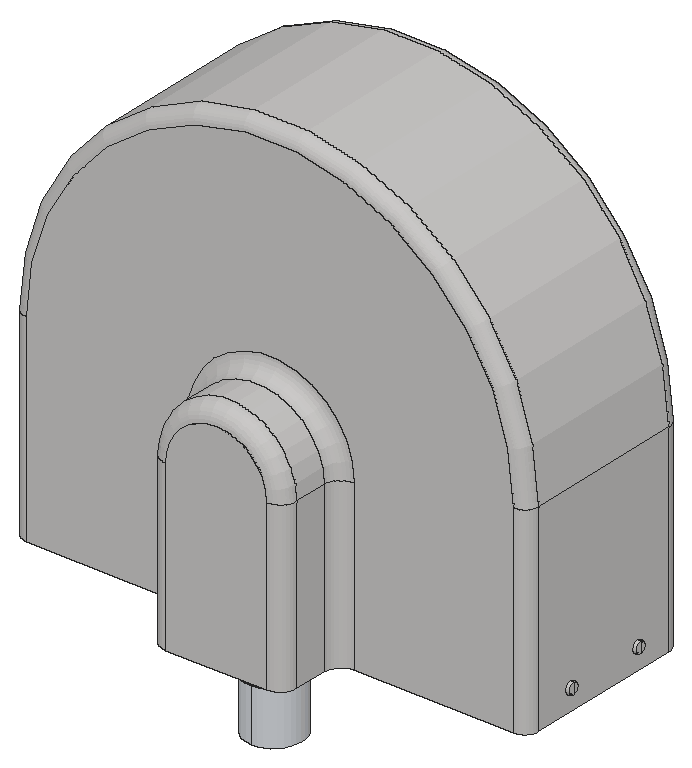
Revit family "PRD_FrankeWS_WlHngWshBsns_ANIMASingleWashbasin_ANMX462", category Plumbing Fixtures, host Face, Revit 2018
Family settings
  Host = Face
  Round Connector Dimension = Use Diameter
  Part Type = Normal
  OmniClass Number = 23.45.05.14.14.27
  OmniClass Title = Service Sinks
  Cut with Voids When Loaded = Yes
  Shared = Yes
  Room Calculation Point = No
Parameters (values of type "ANMX462")
  WasteSize = "DN 32"
  WasteKitIncluded = "Yes"
  WasteHoleProjection = "135.00 mm"
  WasteHolePosition = "Center back"
  WashHandBasinType = "HandRinse"
  WarrantyStartDate [instance] = "1900-12-31T23:59:59"
  WarrantyGuarantorParts = "n/a"
  WarrantyGuarantorLabor = "n/a"
  WarrantyDurationUnit = "year"
  WarrantyDurationParts = "n/a"
  WarrantyDurationLabor = "n/a"
  WarrantyDescription = "n/a"
  Version = "1"
  Uniclass2015Version = "Products v1.23"
  Uniclass2015Title = "Wall-hung washbasins"
  Uniclass2015Code = "Pr_40_20_96_96"
  URL = "www.kwc.com"
  TypeOfWasteKit = "Welded perforated waste (non removable)"
  TypeOfMounting = "Wall mounting"
  TypeOfBasin = "Wash basin"
  TapLedge = "No"
  TapHolePosition = "n/a"
  TapHoleDiameter = "n/a"
  TailorMade = "No"
  TagNumber [instance] = "n/a"
  SustainabilityPerformance = "n/a"
  Splashback = "No"
  Spillway = "No"
  Size = "460 x 170 x 410 mm (W x H x D)"
  SiphonIncluded = "Yes"
  SiphonDiameter = "DN 50"
  Shape = "n/a"
  SerialNumber [instance] = "n/a"
  Revision = "n/a"
  ReplacementCost = "n/a"
  RearUpstand = "No"
  ProductInformation = "https://pim.kwc.com/product/2000102712/attachment/datasheet?locale=en"
  ProductCode = "203.0544.436"
  Overflow = "No"
  NumberOfTapHoles = "0"
  NumberOfBowls = "1"
  NominalWidth = 460.00 mm
  NominalHeight = 170.00 mm
  NominalDepth = 410.00 mm
  NetWeight = 7.94 kg
  Name = "ANIMA Single washbasin ANMX462"
  NBSTypeID = "n/a"
  NBSReference = "45-35-70/369"
  NBSOfficeMasterTag = "n/a"
  NBSNote = "n/a"
  NBSDescription = "Wall hung wash basins"
  NBSCertification = "n/a"
  MountingOffset = 0.00 mm
  Mounting = "WallHung"
  ModelReference = "ANMX462"
  ModelNumber = "2000102712"
  Model = ModelReference  # "ANMX462"
  MaterialThickness = "1.20 mm"
  MaterialCode = "1.4301 Chrome Nickel steel V2A"
  Material = "stainless steel"
  ManufacturerURL = "www.kwc.com"
  ManufacturerName = "KWC Group AG"  # constant formula
  Manufacturer = ManufacturerName  # "KWC Group AG"
  IntegralAccessories = "fixing material included"
  InstallationDate [instance] = "1900-12-31T23:59:59"
  IfcExportType = "WASHHANDBASIN"
  IfcExportAs = "IfcSanitaryTerminalType"
  Flow = 0.0 L/s
  BowlWidth = "420.00 mm"
  BowlShape = "Circle with straight sides"
  BowlPosition = "Center"
  BowlHeight = "140.00 mm"
  BowlFinish = "Satin finish"
  BowlDepth = "360.00 mm"
  GrossWeight = 8.36 kg
  Grade = "n/a"
  Finish = "Satin finish"
  Features = "stainless steel, surface satin finished, material thickness 1.2 mm"
  ExpectedLife = "n/a"
  DurationUnit = "year"
  DrainSize = 50.00 mm
  DiameterNominal = 50.00 mm
  Description = "Single wash basin for wall-mounting, made of stainless steel, surface satin finished, material thickness 1.2 mm. Seamless wash basin in one piece with rounded edges, without tap landing, strainer waste valve, DN 40/50 siphon included, without overflow. Mounting from the front, fixing material included. Wash basin suitable for areas exposed to vandalism and wheelchair users."
  Default Elevation = 925.00 mm
  CreatedOn = "04/2022"  # constant formula
  Constituents = "n/a"
  Color = "n/a"
  CodePerformance = "n/a"
  Category = "Pr_40_20_96_96, Wall-hung washbasins"
  SinkMaterial = PRD_AR_StainlessSteel_SatinFinished
  BarCode [instance] = "n/a"
  BIMObjectName = "PRD_AR_WallHungWashbasins_ANIMASingleWashbasin_ANMX462"
  Author = "Archispace"  # constant formula
  AssetType = "Fixed"
  AssetIdentifier [instance] = "n/a"
  AccessibilityPerformance = "n/a"
Reference planes
  plane 1 "Center (Front/Back)": y = 0
  plane 2: z = 0
  plane 3 "Center (Left/Right)": x = 0
Forms (mm)
  Extrusion 1, solid, not visible
    sketch origin (0, 0, 0) x (1, 0, 0) y (0, 1, 0)
      loop
        circle (0, 0) r 25
    from -76.791 to -72.023
  Revolve 2, void
    sketch origin (0, 0, 0) x (0, 1, 0) y (0, 0, 1)
      loop
        line (0, -76.791) -> (0, -29.946) -> (-25, -29.946) -> (-25, -76.791) -> (0, -76.791)
      axis (0, -29.946) -> (0, -76.791)
    angle from 0 to 360
  Revolve 3, void
    sketch origin (0, 0, 0) x (0, 1, 0) y (0, 0, 1)
      loop
        line (28.058, 7.76) -> (8.2, 9.425) -> (4.441, -35.418) -> (24.299, -37.083) -> (28.058, 7.76)
      axis (4.441, -35.418) -> (8.2, 9.425)
    angle from 0 to 360
Dimensions and locks
  aligned and locked: plane 2 to host face
  aligned and locked: level to host face
  aligned and locked: plane 3 "Center (Left/Right)" to nested 1
  aligned and locked: nested 1 to level
Nested families
  nested 1: "Sink" at (0, -64.3, -80) x (1, 0, 0) z (0, 1, 0), type "Sink"
    with TapHole yes
Connectors
  piping at (0, 0, -76.791), diameter 50, driven by "DrainSize", driven by "Flow", driven by "WasteSize"
    settings: on nested 1, index 1, connector inside diameter 609.60 mm, connector length 0.00 mm, flow factor 0, pipe flow 0.0 L/s, pressure drop 0.0 Pa, fitting loss kfactor 0, connector angle 0.00°, fixture units 0, engagement length 0.00 mm, angle of deflection 0.00°, flow configuration 2, flow direction 2, fitting loss method 0, system type 8, joint type 0, gender type 0, connector reference index -1, connector utility 0, adjustable connector no, is connector primary yes, connector description "DN 32"
Definition of nested family "Sink"
  Parameters (values of type "Sink")
    TapHole [instance] = yes
    Material = none
    Default Elevation = 1219.20 mm
  Reference planes
    plane 1 "Center (Front/Back)": y = 0
    plane 2: z = 0
    plane 3 "Center (Left/Right)": x = 0
    plane 4: z = 230
  Forms (mm)
    Extrusion 1, solid, material <- "Material", detail levels fine
      sketch origin (0, 0, 0) x (1, 0, 0) y (0, 1, 0)
        loop
          line (-217.5, -80) -> (-217.5, -260)
          arc (-217.5, -260) -> (0, -477.5) -> (217.5, -260) r 217.5
          line (217.5, -260) -> (217.5, -80) -> (-217.5, -80)
      from 60 to 230
    Sweep 2, solid, material <- "Material", detail levels fine
      path in 3D
        loop
          line (217.5, -80, 230) -> (217.5, -260, 230)
          arc (217.5, -260, 230) -> (0, -477.5, 230) -> (-217.5, -260, 230) r 217.5
          line (-217.5, -260, 230) -> (-217.5, -80, 230)
      profile origin (0, -477.5, 230) x (0, -1, 0) y (0, 0, 1)
        loop
          line (0, 0) -> (0, -170)
          arc (0, -170) -> (8.839, -166.339) -> (12.5, -157.5) r 12.5
          line (12.5, -157.5) -> (12.5, -12.5)
          arc (12.5, -12.5) -> (8.839, -3.661) -> (0, 0) r 12.5
    Extrusion 3, solid, material <- "Material", detail levels fine
      sketch origin (0, 0, 0) x (1, 0, 0) y (0, 1, 0)
        loop
          line (-45, -80) -> (-45, -230)
          arc (-45, -230) -> (0, -275) -> (45, -230) r 45
          line (45, -230) -> (45, -80) -> (-45, -80)
      from 0 to 60
    Sweep 4, solid, material <- "Material", detail levels fine
      path in 3D
        loop
          line (-45, -80, 0) -> (-45, -230, 0)
          arc (-45, -230, 0) -> (0, -275, 0) -> (45, -230, 0) r 45
          line (45, -230, 0) -> (45, -80, 0)
      profile origin (0, -275, 0) x (0, -1, 0) y (0, 0, -1)
        loop
          line (0, 0) -> (0, -60) -> (30, -60)
          arc (30, -60) -> (19.393, -55.607) -> (15, -45) r 15
          line (15, -45) -> (15, -15)
          arc (15, -15) -> (10.607, -4.393) -> (0, 0) r 15
    Extrusion 5, void
      sketch origin (0, 0, 0) x (1, 0, 0) y (0, 1, 0)
        loop
          line (-215.479, -221.821) -> (-215.479, -259.995)
          arc (-215.479, -259.995) -> (0, -475.474) -> (215.479, -259.995) r 215.479
          line (215.479, -259.995) -> (215.479, -221.821)
          arc (215.479, -221.821) -> (182.587, -142.413) -> (103.179, -109.521) r 112.3
          line (103.179, -109.521) -> (-103.179, -109.521)
          arc (-103.179, -109.521) -> (-182.587, -142.413) -> (-215.479, -221.821) r 112.3
      from 90 to 230
    Sweep 6, solid, material <- "Material", detail levels fine
      path origin (0, 0, 0) x (1, 0, 0) y (0, 1, 0)
        loop
          arc (-103.179, -121.821) -> (-173.889, -151.111) -> (-203.179, -221.821) r 100
          line (-203.179, -221.821) -> (-203.179, -259.995)
          arc (-203.179, -259.995) -> (0, -463.174) -> (203.179, -259.995) r 203.179
          line (203.179, -259.995) -> (203.179, -221.821)
          arc (203.179, -221.821) -> (173.889, -151.111) -> (103.179, -121.821) r 100
          line (103.179, -121.821) -> (-103.179, -121.821)
      profile origin (0, -121.821, 0) x (0, 1, 0) y (0, 0, 1)
        loop
          line (12.3, 90) -> (12.3, 230) -> (11.384, 230)
          arc (11.384, 230) -> (4.059, 227.334) -> (0.161, 220.583) r 11.396
          line (0.161, 220.583) -> (-14.122, 139.581)
          arc (-14.122, 139.581) -> (-34.643, 104.037) -> (-73.21, 90) r 60
          line (-73.21, 90) -> (12.3, 90)
    Extrusion 7, void
      sketch origin (0, -1.25, 0) x (1, 0, 0) y (0, 1, 0)
        loop
          arc (-1.75, -207) -> (0, -208.75) -> (1.75, -207) r 1.75
          line (1.75, -207) -> (1.75, -195)
          arc (1.75, -195) -> (0, -193.25) -> (-1.75, -195) r 1.75
          line (-1.75, -195) -> (-1.75, -207)
        loop
          circle (6.584, -196.911) r 2.5
        loop
          arc (-6.483, -209.997) -> (-4.017, -210.212) -> (-3.802, -207.747) r 1.75
          line (-3.802, -207.747) -> (-11.515, -198.554)
          arc (-11.515, -198.554) -> (-13.981, -198.339) -> (-14.196, -200.804) r 1.75
          line (-14.196, -200.804) -> (-6.483, -209.997)
        loop
          circle (-6.584, -196.911) r 2.5
        loop
          arc (-8.182, -215.334) -> (-6.155, -213.915) -> (-7.575, -211.887) r 1.75
          line (-7.575, -211.887) -> (-19.392, -209.804)
          arc (-19.392, -209.804) -> (-21.42, -211.223) -> (-20, -213.25) r 1.75
          line (-20, -213.25) -> (-8.182, -215.334)
        loop
          circle (-16.671, -205.375) r 2.5
        loop
          arc (-6.053, -220.516) -> (-5.413, -218.125) -> (-7.803, -217.484) r 1.75
          line (-7.803, -217.484) -> (-18.196, -223.484)
          arc (-18.196, -223.484) -> (-18.836, -225.875) -> (-16.446, -226.516) r 1.75
          line (-16.446, -226.516) -> (-6.053, -220.516)
        loop
          circle (-18.958, -218.343) r 2.5
        loop
          arc (-1.092, -223.116) -> (-2.138, -220.873) -> (-4.381, -221.919) r 1.75
          line (-4.381, -221.919) -> (-8.485, -233.195)
          arc (-8.485, -233.195) -> (-7.439, -235.438) -> (-5.196, -234.392) r 1.75
          line (-5.196, -234.392) -> (-1.092, -223.116)
        loop
          circle (-12.374, -229.746) r 2.5
        loop
          arc (4.381, -221.919) -> (2.138, -220.873) -> (1.092, -223.116) r 1.75
          line (1.092, -223.116) -> (5.196, -234.392)
          arc (5.196, -234.392) -> (7.439, -235.438) -> (8.485, -233.195) r 1.75
          line (8.485, -233.195) -> (4.381, -221.919)
        loop
          circle (0, -234.25) r 2.5
        loop
          arc (7.803, -217.484) -> (5.413, -218.125) -> (6.053, -220.516) r 1.75
          line (6.053, -220.516) -> (16.446, -226.516)
          arc (16.446, -226.516) -> (18.836, -225.875) -> (18.196, -223.484) r 1.75
          line (18.196, -223.484) -> (7.803, -217.484)
        loop
          circle (12.374, -229.746) r 2.5
        loop
          arc (7.575, -211.887) -> (6.155, -213.915) -> (8.182, -215.334) r 1.75
          line (8.182, -215.334) -> (20, -213.25)
          arc (20, -213.25) -> (21.42, -211.223) -> (19.392, -209.804) r 1.75
          line (19.392, -209.804) -> (7.575, -211.887)
        loop
          circle (18.958, -218.343) r 2.5
        loop
          arc (3.802, -207.747) -> (4.017, -210.212) -> (6.483, -209.997) r 1.75
          line (6.483, -209.997) -> (14.196, -200.804)
          arc (14.196, -200.804) -> (13.981, -198.339) -> (11.515, -198.554) r 1.75
          line (11.515, -198.554) -> (3.802, -207.747)
        loop
          circle (16.671, -205.375) r 2.5
      from 88.801 to 90
    Extrusion 8, solid, material <- "Material", detail levels medium
      sketch origin (0, 0, 0) x (1, 0, 0) y (0, 1, 0)
        loop
          line (-230, -80) -> (-230, -260)
          arc (-230, -260) -> (0, -490) -> (230, -260) r 230
          line (230, -260) -> (230, -80) -> (-230, -80)
      from 60 to 230
    Extrusion 9, solid, material <- "Material", detail levels medium
      sketch origin (0, 0, 0) x (1, 0, 0) y (0, 1, 0)
        loop
          line (-75, -80) -> (-75, -230)
          arc (-75, -230) -> (0, -305) -> (75, -230) r 75
          line (75, -230) -> (75, -80) -> (-75, -80)
      from 0 to 60
    Extrusion 10, void
      sketch origin (-500, 0, 0) x (1, 0, 0) y (0, 1, 0)
        loop
          line (603.179, -121.821) -> (396.821, -121.821)
          arc (396.821, -121.821) -> (326.111, -151.111) -> (296.821, -221.821) r 100
          line (296.821, -221.821) -> (296.821, -259.995)
          arc (296.821, -259.995) -> (500, -463.174) -> (703.179, -259.995) r 203.179
          line (703.179, -259.995) -> (703.179, -221.821)
          arc (703.179, -221.821) -> (673.889, -151.111) -> (603.179, -121.821) r 100
      from 90 to 230
    Extrusion 11, solid, material <- "Material", detail levels coarse
      sketch origin (0, 0, 0) x (1, 0, 0) y (0, 1, 0)
        loop
          line (-230, -80) -> (-230, -260)
          arc (-230, -260) -> (0, -490) -> (230, -260) r 230
          line (230, -260) -> (230, -80) -> (-230, -80)
      from 0 to 230
    Revolve 12, solid, material <- "Material", detail levels fine
      sketch origin (0, -80, 107.3) x (1, 0, 0) y (0, 1, 0)
        loop
          line (-233.2, -20) -> (-230, -20) -> (-230, -14.643)
          arc (-230, -14.643) -> (-231.649, -14.846) -> (-233.2, -15.444) r 6.795
          line (-233.2, -15.444) -> (-233.2, -20)
        axis (-230, -20) -> (-233.2, -20)
      angle from 0 to 360
    Revolve 13, solid, material <- "Material", detail levels fine
      sketch origin (0, -80, 182.3) x (1, 0, 0) y (0, 1, 0)
        loop
          line (-233.2, -20) -> (-230, -20) -> (-230, -14.643)
          arc (-230, -14.643) -> (-231.649, -14.846) -> (-233.2, -15.444) r 6.795
          line (-233.2, -15.444) -> (-233.2, -20)
        axis (-230, -20) -> (-233.2, -20)
      angle from 0 to 360
    Revolve 14, solid, material <- "Material", detail levels fine
      sketch origin (0, -80, 107.3) x (-1, 0, 0) y (0, -1, 0)
        loop
          line (-233.2, 20) -> (-233.2, 15.444)
          arc (-233.2, 15.444) -> (-231.649, 14.846) -> (-230, 14.643) r 6.795
          line (-230, 14.643) -> (-230, 20) -> (-233.2, 20)
        axis (-230, 20) -> (-233.2, 20)
      angle from 0 to 360
    Revolve 15, solid, material <- "Material", detail levels fine
      sketch origin (0, -80, 182.3) x (-1, 0, 0) y (0, -1, 0)
        loop
          line (-233.2, 20) -> (-233.2, 15.444)
          arc (-233.2, 15.444) -> (-231.649, 14.846) -> (-230, 14.643) r 6.795
          line (-230, 14.643) -> (-230, 20) -> (-233.2, 20)
        axis (-230, 20) -> (-233.2, 20)
      angle from 0 to 360
    Revolve 16, solid
      sketch origin (0, 0, 0) x (0, 1, 0) y (0, 0, 1)
        loop
          line (-3.209, 64.3) -> (-50.054, 64.3) -> (-50.054, 39.3) -> (-3.209, 39.3) -> (-3.209, 64.3)
        axis (-50.054, 64.3) -> (-3.209, 64.3)
      angle from 0 to 360
    Revolve 17, solid
      sketch origin (0, 0, 0) x (0, 1, 0) y (0, 0, 1)
        loop
          line (-46.717, 68.92) -> (-89.425, 72.5) -> (-91.089, 52.642) -> (-48.382, 49.061) -> (-46.717, 68.92)
        axis (-46.717, 68.92) -> (-89.425, 72.5)
      angle from 0 to 360
  Cuts and joins
    Extrusion 5, Extrusion 7 cuts Extrusion 1
    Extrusion 5 cuts Sweep 2
    joined: Extrusion 1, Sweep 2, Extrusion 3, Sweep 4, Sweep 6
    Extrusion 10 cuts Extrusion 8
    joined: Revolve 16, Revolve 17
  Lines and regions (mm)
    sketch lines
      curve 1: arc (217.5, -260, 230) -> (0, -477.5, 230) -> (-217.5, -260, 230) r 217.5
      curve 2: line (217.5, -260, 230) -> (217.5, -80, 230)
      curve 3: line (-217.5, -80, 230) -> (-217.5, -260, 230)
      curve 4: arc (-45, -230, 0) -> (0, -275, 0) -> (45, -230, 0) r 45
      curve 5: line (-45, -230, 0) -> (-45, -80, 0)
      curve 6: line (45, -80, 0) -> (45, -230, 0)
  Dimensions and locks
    aligned and locked: level to plane 2
